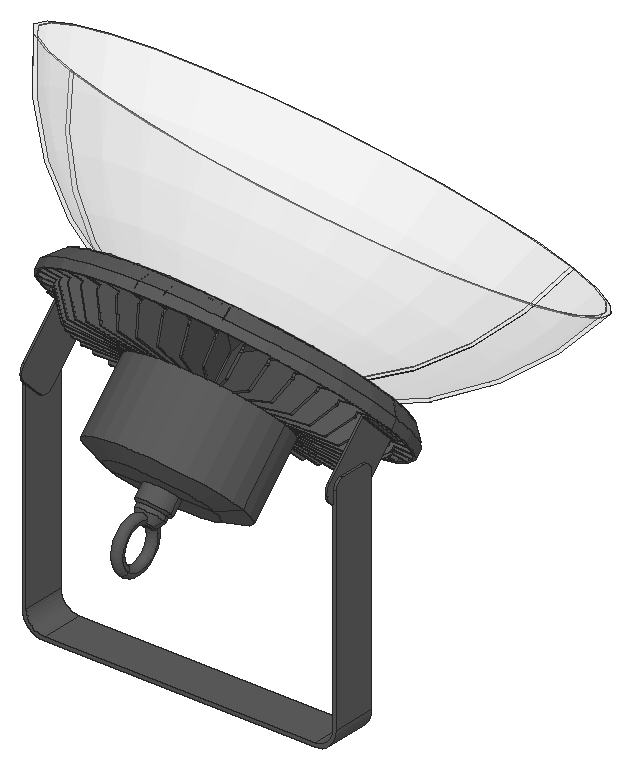
Revit family "0039365+0039353+0039358 Sylvania Lighting Fixture START HighBay IP65 DALI 13000lm 840 WB with BRACKET and PC LAMPSHADE TRANSPARENT 13 19KLM", category Lighting Fixtures, host Face, Revit 2016
Family settings
  Host = Face
  Part Type = Normal
  Round Connector Dimension = Use Diameter
  OmniClass Number = 23.80.70.00
  OmniClass Title = Lighting
  Cut with Voids When Loaded = No
  Light Source = No
  Shared = No
  Room Calculation Point = No
Parameters (values of type "0039365+0039353+0039358  START HighBay IP65 DALI 13000lm 840 WB with BRACKET and PC LAMPSHADE TRANSPARENT 13/19KLM")
  Weight = "3.0 kg"
  Wattage Comments = ""
  WarrantyStartDate [instance] = "n/a"
  WarrantyGuarantorParts = "n/a"
  WarrantyDurationUnit = "n/a"
  WarrantyDurationParts = "n/a"
  WarrantyDescription = "n/a"
  Voltage = 0 V
  URL = "http://www.sylvania-lighting.com"
  TypeName = "START HighBay IP65 DALI 13000lm 840 WB with BRACKET and PC LAMPSHADE TRANSPARENT 13/19KLM"
  TypeHead_FEILO = Start LED Highbay DALI Head : 0039365+0039353+0039358 START HighBay IP65 DALI 13000lm 840 WB with BRACKET and PC LAMPSHADE TRANSPARENT 13/19KLM
  Type Image = <None>
  Type Comments = "n/a"
  TiltAngle_FEILO [instance] = 45.00°
  ThicknessBracketPlate_FEILO = 3 mm
  SizeBracketS_FEILO = yes
  SizeBracketM_FEILO = no
  SerialNumber [instance] = "n/a"
  RadiusBracketTop_FEILO = 7 mm
  RadiusBendOut_FEILO = if(SizeBracketS_FEILO, 18 mm, if(SizeBracketM_FEILO, 24 mm, 28 mm))  # 18 mm
  RadiusBendIn_FEILO = RadiusBendOut_FEILO - ThicknessBracketPlate_FEILO  # 15 mm
  Material_3_FEILO = none
  PowerFactor = 0.95
  PowerConsumption = "90 W"
  NominalLength = 270 mm
  NominalHeight = 175 mm
  NominalDepth = 270 mm
  Name = "START HighBay IP65 DALI 13000lm 840 WB with BRACKET and PC LAMPSHADE TRANSPARENT 13/19KLM"
  ModelReference = Name  # "START HighBay IP65 DALI 13000lm 840 WB with BRACKET and PC LAMPSHADE TRANSPARENT 13/19KLM"
  ModelNumber = "0039365+0039353+0039358"
  Model = Name  # "START HighBay IP65 DALI 13000lm 840 WB with BRACKET and PC LAMPSHADE TRANSPARENT 13/19KLM"
  Material = "aluminium alloy housing, polycarbonate diffuser"
  ManufacturerName = "Feilo Sylvania"
  Manufacturer = "Feilo Sylvania"
  LuminousEfficacy = "130 lm/W"
  LuminaireType = ""
  LightOutputRatio = "n/a"
  LampsType = Lamp  # "LED"
  LampNominalLuminous = "11700 lm"
  LampMacAdamStep = "6"
  LampColourTemperature = "6500 K"
  LampColourRenderingIndex = "80"
  Lamp = "LED"
  Keynote = "16500"
  InstallationDate [instance] = "n/a"
  InputVoltage = "n/a"
  InputNominalFrequency = "50/60 Hz"
  IngressProtection = "IP65"
  ImpactProtectionIndex = "IK08"
  IfcExportType = "IfcLightFixtureType"
  IfcExportAs = "IfcLightFixtureType"
  ExpectedLife = 50000
  EndAngle_FEILO [instance] = TiltAngle_FEILO + 180.00°  # 225.00°
  ElectricShockClassification = "Class I"
  DurationUnit = "hours"
  DocumentationLiterature = "http://www.sylvania-lighting.com/product/en-int/products/0039365"
  DimmingControlOptions = "Dimmable"
  Material_2_FEILO = none
  Description = "START Highbay, includes 1 m cables, black aluminium housing, 11,700 Lm, 90 W, 130 Lm/W, 6500 K, drive current: 2000 mA, CRI 80, 90° beam angle, DALI dimmable, IP65, IK08, 50,000 hrs (L80/B50), (D x H) 270 x 175 mm."
  Default Elevation = 1219.2 mm
  CreatedOn = "5/15/2018"
  CreatedBy = "aron.fodor@sylvania-lighting.com"
  Cost = 0
  built-in parameter 1114216 [instance] = (empty or 0)
  ClassificationValue = "EF_70_80"
  ClassificationName = "Uniclass2015"
  Material_1_FEILO = Body-Sylvania-StartHighbay-Black
  BracketHeight_FEILO = if(SizeBracketS_FEILO, 199.5 mm, if(SizeBracketM_FEILO, 209.6 mm, 201.3 mm))  # 199.5 mm
  BracketDistanceInner_FEILO = if(SizeBracketS_FEILO, 249.4 mm, if(SizeBracketM_FEILO, 273.6 mm, 313.2 mm))  # 249.4 mm
  BarCode [instance] = "n/a"
  AssetType = "Fixed"
  AssetIdentifier [instance] = "n/a"
  Assembly Code = "D5020200"
  Apparent Load = 90 VA
  Material_4_FEILO = none
Reference planes
  plane 1 "Center (Front/Back)": y = 0
  plane 2: z = 0
  plane 3 "Center (Left/Right)": x = 0
  plane 4: x = -127.7
  plane 5: x = 127.7
  plane 6: z = 199.5
  plane 7: x = -124.7
  plane 8: z = 3
  plane 9: x = 124.7
  plane 10: y = 17.5
  plane 11: y = -17.5
  plane 12: y = -19.5
  plane 13: z = 201.5
  plane 14: y = 19.5
  plane 15: z = 190.5
Forms (mm)
  Extrusion 1, solid, material "Body-Sylvania-StartHighbay-Black" <- "Material_1_FEILO"
    sketch origin (0, 0, 0) x (1, 0, 0) y (0, 0, 1)
      loop
        line (-127.7, 199.5) -> (-127.7, 18)
        arc (-127.7, 18) -> (-122.428, 5.272) -> (-109.7, 0) r 18
        line (-109.7, 0) -> (109.7, 0)
        arc (109.7, 0) -> (122.428, 5.272) -> (127.7, 18) r 18
        line (127.7, 18) -> (127.7, 199.5) -> (124.7, 199.5) -> (124.7, 18)
        arc (124.7, 18) -> (120.307, 7.393) -> (109.7, 3) r 15
        line (109.7, 3) -> (-109.7, 3)
        arc (-109.7, 3) -> (-120.307, 7.393) -> (-124.7, 18) r 15
        line (-124.7, 18) -> (-124.7, 199.5) -> (-127.7, 199.5)
    from -17.5 to 17.5
  Extrusion 2, void
    sketch origin (0, 0, 0) x (0, 1, 0) y (0, 0, 1)
      loop
        arc (10.5, 199.5) -> (15.45, 197.45) -> (17.5, 192.5) r 7
        line (17.5, 192.5) -> (19.5, 192.5) -> (19.5, 201.5) -> (-19.5, 201.5) -> (-19.5, 192.5) -> (-17.5, 192.5)
        arc (-17.5, 192.5) -> (-15.45, 197.45) -> (-10.5, 199.5) r 7
        line (-10.5, 199.5) -> (10.5, 199.5)
    from -127.7 to 127.7
  Revolve 3, solid, not visible
    sketch origin (1223.4, -4572, 190.5) x (0, -1, 0) y (1, 0, 0)
      loop
        line (-4572, -1223.4) -> (-4591.5, -1223.4) -> (-4591.5, -1277.783) -> (-4572, -1277.783) -> (-4572, -1223.4)
      axis (-4572, -1223.4) -> (-4572, -1277.783)
    angle from 45 <- "TiltAngle_FEILO" to 225 <- "EndAngle_FEILO"
Cuts and joins
  Extrusion 2 cuts Extrusion 1
Dimensions and locks
  "BracketHeight_FEILO": plane 6 to plane 2
  equal spacing: plane 11, plane 1 "Center (Front/Back)", plane 10
  locked: plane 11 to plane 10 at 35
  equal spacing: plane 9, plane 3 "Center (Left/Right)", plane 7
  "BracketDistanceInner_FEILO": plane 9 to plane 7
  "ThicknessBracketPlate_FEILO": plane 7 to plane 4
  "ThicknessBracketPlate_FEILO": plane 8 to plane 2
  equal spacing: plane 5, plane 3 "Center (Left/Right)", plane 4
  equal spacing: plane 12, plane 1 "Center (Front/Back)", plane 14
  locked: plane 6 to plane 13 at 2
  locked: plane 12 to plane 11 at 2
  locked: plane 6 to plane 15 at 9
  "RadiusBendOut_FEILO": radius of Extrusion 1 sketch curve  (x2)
  "RadiusBendIn_FEILO": radius of Extrusion 1 sketch curve  (x2)
  "RadiusBracketTop_FEILO": radius of Extrusion 2 sketch curve  (x2)
  aligned and locked: plane 2 to host face
  aligned and locked: level to host face
  aligned and locked: Extrusion 1 sketch curve to plane 4
  aligned and locked: Extrusion 1 sketch curve to level
  aligned and locked: plane 6 to Extrusion 1 sketch curve
  aligned and locked: Extrusion 1 sketch curve to plane 6
  aligned and locked: Extrusion 1 sketch curve to plane 7
  aligned and locked: plane 9 to Extrusion 1 sketch curve
  aligned and locked: plane 8 to Extrusion 1 sketch curve
  aligned and locked: Extrusion 1 to plane 10
  aligned and locked: plane 11 to Extrusion 1
  aligned and locked: Extrusion 1 to Extrusion 2 sketch curve
  aligned and locked: plane 14 to Extrusion 2 sketch curve  (x2)
  aligned and locked: Extrusion 2 sketch curve to plane 12
  aligned and locked: plane 13 to Extrusion 2 sketch curve
  aligned and locked: plane 5 to Extrusion 2
  aligned and locked: Extrusion 2 to plane 4
  aligned and locked: Revolve 3 sketch curve to plane 1 "Center (Front/Back)"
  aligned and locked: Revolve 3 sketch curve to Revolve 3 sketch curve
  aligned and locked: plane 3 "Center (Left/Right)" to Revolve 3 sketch curve
  aligned and locked: Revolve 3 sketch curve to plane 14
  aligned and locked: nested 1 to plane 3 "Center (Left/Right)"
Automatic sketch dimensions
  host sketch curve to host sketch curve = 2438.4 mm  (x2)
  Revolve 3 sketch curve to Revolve 3 sketch curve = 54.383 mm
  Revolve 3 sketch curve to plane 4 = 1396.3 mm
  plane 5 to Revolve 3 sketch curve = 1396.3 mm
  Extrusion 1 sketch curve to Extrusion 1 sketch curve = 0 mm
  Extrusion 2 sketch curve to plane 11 = 0 mm
  Extrusion 2 sketch curve to plane 10 = 0 mm
Nested families
  nested 1: "Start LED Highbay DALI Head" at (0, 0, 190.5) x (-1, 0, 0) z (0, 0.7071, 0.7071), type <- "TypeHead_FEILO", type "0039365+0039353+0039358 START HighBay IP65 DALI 13000lm 840 WB with BRACKET and PC LAMPSHADE TRANSPARENT 13/19KLM"
    with built-in parameter 1114216 (empty or 0)
Connectors
  electrical at (0, 0, 0), driven by "Apparent Load", driven by "PowerFactor", driven by "Voltage"
    settings: index 1, voltage 0 V, apparent load 90 VA, apparent load phase1 0 VA, apparent load phase2 0 VA, apparent load phase3 0 VA, power factor 0.95, load classification "Lighting", number of poles 1, system type 30, power factor state 1, is connector primary yes, connector utility no, sub classification motor no, connector description ""
Definition of nested family "Start LED Highbay DALI Head"
  Parameters (values of type "0039367+0039355+0039361 START HighBay IP65 DALI 26000lm 840 WB with BRACKET and PC LAMPSHADE TRANSPARENT FOR 26KLM")
    X_FEILO = if(SizeS_FEILO, 60.3 mm, if(SizeM_FEILO, 70.4 mm, 83.5 mm))  # 83.5 mm
    WidthStraight_FEILO = if(SizeS_FEILO, 3 mm, if(SizeM_FEILO, 4 mm, 4.7 mm))  # 4.7 mm
    WidthRingChamfer_FEILO = if(SizeS_FEILO, 10.3 mm, if(SizeM_FEILO, 11.2 mm, 12.9 mm))  # 12.9 mm
    WidthCurved_FEILO = if(SizeS_FEILO, 17.4 mm, if(SizeM_FEILO, 16.4 mm, 26.2 mm))  # 26.2 mm
    WidthCurvedRing_FEILO = if(SizeS_FEILO, 3 mm, if(SizeM_FEILO, 4 mm, 4.7 mm))  # 4.7 mm
    WidthBracket_FEILO = 40 mm
    Wattage Comments = ""
    Wattage = 190 W
    built-in parameter 1150110 = 1 (stored number, unit not read)
    URL = "http://www.sylvania-lighting.com"
    Type Image = (empty or 0)
    Type Comments = "n/a"
    built-in parameter 1114217 = 1 (stored number, unit not read)
    Tilt Angle = -90.00°
    ThicknessWall_FEILO = 1.5 mm
    ThicknessBracket_FEILO = 1.5 mm
    ThicknessBracketHalf_FEILO = ThicknessBracket_FEILO / 2  # 0.75 mm
    built-in parameter 1150109 = 1 (stored number, unit not read)
    built-in parameter 1150134 = 1
    built-in parameter 1150113 = 1 (stored number, unit not read)
    SizeS_FEILO = no
    SizeM_FEILO = no
    ShadeThickness_FEILO = 3 mm
    ShadeSizeSM_FEILO = or(SizeS_FEILO, SizeM_FEILO)  # no
    ShadeRadiusOut_FEILO = 205 mm
    ShadeRadiusIn_FEILO = if(ShadeSizeSM_FEILO, 95 mm, 121 mm)  # 121 mm
    ShadeRadiusBend_FEILO = if(ShadeSizeSM_FEILO, 210 mm, 210 mm)  # 210 mm
    ShadeOn_FEILO = yes
    ShadeHeight_FEILO = if(ShadeSizeSM_FEILO, 120 mm, 151 mm)  # 151 mm
    Rib4_FEILO = if(SizeS_FEILO, 18.1 mm, if(SizeM_FEILO, 13.6 mm, 14.6 mm))  # 14.6 mm
    Rib3_FEILO = if(SizeS_FEILO, 15.3 mm, if(SizeM_FEILO, 17.6 mm, 20.2 mm))  # 20.2 mm
    Rib2_FEILO = if(SizeS_FEILO, 3.6 mm, if(SizeM_FEILO, 3.9 mm, 4.5 mm))  # 4.5 mm
    Rib1_FEILO = if(SizeS_FEILO, 15.1 mm, if(SizeM_FEILO, 16.5 mm, 19 mm))  # 19 mm
    RadiusDiffuser_FEILO = if(SizeS_FEILO, 95.2 mm, if(SizeM_FEILO, 105.3 mm, 120 mm))  # 120 mm
    RadiusArrayPost_FEILO = DriverRadius_FEILO - 6 mm  # 70.4 mm
    RHRadius3_FEILO = if(SizeS_FEILO, 6.6 mm, if(SizeM_FEILO, 7.4 mm, 8.6 mm))  # 8.6 mm
    RHRadius2_FEILO = if(SizeS_FEILO, 11 mm, if(SizeM_FEILO, 12 mm, 14 mm))  # 14 mm
    RHRadius1_FEILO = if(SizeS_FEILO, 13.6 mm, if(SizeM_FEILO, 14.9 mm, 17.7 mm))  # 17.7 mm
    RHHeight4_FEILO = if(SizeS_FEILO, 7.3 mm, if(SizeM_FEILO, 8 mm, 9.2 mm))  # 9.2 mm
    RHHeight3_FEILO = if(SizeS_FEILO, 3.6 mm, if(SizeM_FEILO, 3.7 mm, 4.6 mm))  # 4.6 mm
    RHHeight2_FEILO = if(SizeS_FEILO, 2 mm, if(SizeM_FEILO, 2.2 mm, 2.6 mm))  # 2.6 mm
    RHHeight1_FEILO = if(SizeS_FEILO, 11.8 mm, if(SizeM_FEILO, 15.3 mm, 17.4 mm))  # 17.4 mm
    Photometric Web File = "0039367+0039361.ies"
    Material_5_FEILO = none
    Material_3_FEILO = none
    Model = "START HighBay IP65 DALI 26000lm 840 WB with BRACKET and PC LAMPSHADE TRANSPARENT FOR 26KLM"
    Manufacturer = "Feilo Sylvania"
    built-in parameter 1150105 = 33385.3 (stored number, unit not read)
    Lumens = 24700 lm
    built-in parameter 1150115 = 1 (stored number, unit not read)
    built-in parameter 1150137 = (empty or 0)
    built-in parameter 1150139 = (empty or 0)
    built-in parameter 1150112 = 1 (stored number, unit not read)
    built-in parameter 1150114 = 1 (stored number, unit not read)
    Lamp = "LED"
    Keynote = "16500"
    built-in parameter 1150132 = (empty or 0)
    built-in parameter 1150102 = (empty or 0)
    built-in parameter 1150107 = 6500 (stored number, unit not read)
    built-in parameter 1150138 = (empty or 0)
    built-in parameter 1150106 = 333.85 (stored number, unit not read)
    HeightRing_FEILO = if(SizeS_FEILO, 19.8 mm, if(SizeM_FEILO, 32 mm, 36.8 mm))  # 36.8 mm
    HeightRingChamfer_FEILO = if(SizeS_FEILO, 11.7 mm, if(SizeM_FEILO, 23.2 mm, 26.6 mm))  # 26.6 mm
    EyeThickness_FEILO = if(SizeS_FEILO, 8.4 mm, if(SizeM_FEILO, 9.2 mm, 10.5 mm))  # 10.5 mm
    EyeThicknessHalf_FEILO = EyeThickness_FEILO / 2  # 5.25 mm
    EyeInner_FEILO = if(SizeS_FEILO, 13.8 mm, if(SizeM_FEILO, 15.1 mm, 17.3 mm))  # 17.3 mm
    Emit from Circle Diameter = RadiusDiffuser_FEILO * 2  # 240 mm
    Emit Shape Visible in Rendering = no
    built-in parameter 1150104 = 12.077 (stored number, unit not read)
    DriverVerticalStraight_FEILO = if(SizeS_FEILO, 46.5 mm, if(SizeM_FEILO, 49.7 mm, 57 mm))  # 57 mm
    DriverVerticalChamfer_FEILO = if(SizeS_FEILO, 7.5 mm, if(SizeM_FEILO, 8.2 mm, 9.5 mm))  # 9.5 mm
    DriverRadius_FEILO = if(SizeS_FEILO, 61.4 mm, if(SizeM_FEILO, 67.2 mm, 76.4 mm))  # 76.4 mm
    DriverRadiusTop_FEILO = if(SizeS_FEILO, 42 mm, if(SizeM_FEILO, 45.3 mm, 52.4 mm))  # 52.4 mm
    DriverBottom_FEILO = if(SizeS_FEILO, 56 mm, if(SizeM_FEILO, 64.5 mm, 74 mm))  # 74 mm
    Material_2_FEILO = none
    Radius_FEILO = if(SizeS_FEILO, 135 mm, if(SizeM_FEILO, 148 mm, 169.5 mm))  # 169.5 mm
    Dimming Lamp Color Temperature Shift = (empty or 0)
    DiameterWire_FEILO = 3 mm
    DiameterWireSupport_FEILO = 10 mm
    Description = "START Highbay, includes 1 m cables, black aluminium housing, 24,700 Lm, 190 W, 130 Lm/W, 6500 K, drive current: 4100 mA, CRI 80, 90° beam angle, DALI dimmable, IP65, IK08, 50,000 hrs (L80/B50), (D x H) 339 x 189 mm."
    Default Elevation = 1219.2 mm
    Cost = 0
    Color Filter = 16777215
    built-in parameter 1114216 [instance] = (empty or 0)
    Material_1_FEILO = none
    built-in parameter 1114218 = 1 (stored number, unit not read)
    built-in parameter 1150133 = 10 (stored number, unit not read)
    Assembly Code = "D5020200"
    Apparent Load = 190 VA
    Material_4_FEILO = none
  Types (24, lengths in mm): name | X_FEILO | WidthStraight_FEILO | WidthRingChamfer_FEILO | WidthCurved_FEILO | WidthCurvedRing_FEILO | Wattage | built-in parameter 1150134 | SizeS_FEILO | SizeM_FEILO | ShadeSizeSM_FEILO | ShadeRadiusIn_FEILO | ShadeOn_FEILO | ShadeHeight_FEILO | Rib4_FEILO | Rib3_FEILO | Rib2_FEILO | Rib1_FEILO | RadiusDiffuser_FEILO | RadiusArrayPost_FEILO | RHRadius3_FEILO | RHRadius2_FEILO | RHRadius1_FEILO | RHHeight4_FEILO | RHHeight3_FEILO | RHHeight2_FEILO | RHHeight1_FEILO | Photometric Web File | Model | built-in parameter 1150105 | Lumens | built-in parameter 1150107 | built-in parameter 1150106 | HeightRing_FEILO | HeightRingChamfer_FEILO | EyeThickness_FEILO | EyeThicknessHalf_FEILO | EyeInner_FEILO | Emit from Circle Diameter | DriverVerticalStraight_FEILO | DriverVerticalChamfer_FEILO | DriverRadius_FEILO | DriverRadiusTop_FEILO | DriverBottom_FEILO | Radius_FEILO | Description | Apparent Load
    0039367+0039355+0039361 START HighBay IP65 DALI 26000lm 840 WB with BRACKET and PC LAMPSHADE TRANSPARENT FOR 26KLM | 83.5 | 4.7 | 12.9 | 26.2 | 4.7 | 190 W | 1 | no | no | no | 121 | yes | 151 | 14.6 | 20.2 | 4.5 | 19 | 120 | 70.4 | 8.6 | 14 | 17.7 | 9.2 | 4.6 | 2.6 | 17.4 | "0039367+0039361.ies" | "START HighBay IP65 DALI 26000lm 840 WB with BRACKET and PC LAMPSHADE TRANSPARENT FOR 26KLM" | 33385.3 (stored number, unit not read) | 24700 lm | 6500 (stored number, unit not read) | 333.85 (stored number, unit not read) | 36.8 | 26.6 | 10.5 | 5.25 | 17.3 | 240 | 57 | 9.5 | 76.4 | 52.4 | 74 | 169.5 | "START Highbay, includes 1 m cables, black aluminium housing, 24,700 Lm, 190 W, 130 Lm/W, 6500 K, drive current: 4100 mA, CRI 80, 90° beam angle, DALI dimmable, IP65, IK08, 50,000 hrs (L80/B50), (D x H) 339 x 189 mm." | 190 VA
    0039367+0039355+0039360 START HighBay IP65 DALI 26000lm 840 WB with BRACKET and ALU SHADE BLACK COLOR FOR 26KLM | 83.5 | 4.7 | 12.9 | 26.2 | 4.7 | 190 W | 1 | no | no | no | 121 | yes | 151 | 14.6 | 20.2 | 4.5 | 19 | 120 | 70.4 | 8.6 | 14 | 17.7 | 9.2 | 4.6 | 2.6 | 17.4 | "0039367+0039360.ies" | "START HighBay IP65 DALI 26000lm 840 WB with BRACKET and ALU SHADE BLACK COLOR FOR 26KLM" | 33569.2 (stored number, unit not read) | 24700 lm | 6500 (stored number, unit not read) | 335.69 (stored number, unit not read) | 36.8 | 26.6 | 10.5 | 5.25 | 17.3 | 240 | 57 | 9.5 | 76.4 | 52.4 | 74 | 169.5 | "START Highbay, includes 1 m cables, black aluminium housing, 24,700 Lm, 190 W, 130 Lm/W, 6500 K, drive current: 4100 mA, CRI 80, 90° beam angle, DALI dimmable, IP65, IK08, 50,000 hrs (L80/B50), (D x H) 339 x 189 mm." | 190 VA
    0039367+0039355+0039359 START HighBay IP65 DALI 26000lm 840 WB with BRACKET and ALU SHADE ALU COLOR FOR 26KLM | 83.5 | 4.7 | 12.9 | 26.2 | 4.7 | 190 W | 1 | no | no | no | 121 | yes | 151 | 14.6 | 20.2 | 4.5 | 19 | 120 | 70.4 | 8.6 | 14 | 17.7 | 9.2 | 4.6 | 2.6 | 17.4 | "0039367+0039359.ies" | "START HighBay IP65 DALI 26000lm 840 WB with BRACKET and ALU SHADE ALU COLOR FOR 26KLM" | 33569.2 (stored number, unit not read) | 24700 lm | 6500 (stored number, unit not read) | 335.69 (stored number, unit not read) | 36.8 | 26.6 | 10.5 | 5.25 | 17.3 | 240 | 57 | 9.5 | 76.4 | 52.4 | 74 | 169.5 | "START Highbay, includes 1 m cables, black aluminium housing, 24,700 Lm, 190 W, 130 Lm/W, 6500 K, drive current: 4100 mA, CRI 80, 90° beam angle, DALI dimmable, IP65, IK08, 50,000 hrs (L80/B50), (D x H) 339 x 189 mm." | 190 VA
    0039367+0039355 START HighBay IP65 DALI 26000lm 840 WB with BRACKET | 83.5 | 4.7 | 12.9 | 26.2 | 4.7 | 190 W | 1 | no | no | no | 121 | no | 151 | 14.6 | 20.2 | 4.5 | 19 | 120 | 70.4 | 8.6 | 14 | 17.7 | 9.2 | 4.6 | 2.6 | 17.4 | "0039367.ies" | "START HighBay IP65 DALI 26000lm 840 WB with BRACKET" | 13532 (stored number, unit not read) | 24700 lm | 6500 (stored number, unit not read) | 135.32 (stored number, unit not read) | 36.8 | 26.6 | 10.5 | 5.25 | 17.3 | 240 | 57 | 9.5 | 76.4 | 52.4 | 74 | 169.5 | "START Highbay, includes 1 m cables, black aluminium housing, 24,700 Lm, 190 W, 130 Lm/W, 6500 K, drive current: 4100 mA, CRI 80, 90° beam angle, DALI dimmable, IP65, IK08, 50,000 hrs (L80/B50), (D x H) 339 x 189 mm." | 190 VA
    0039366+0039354+0039358 START HighBay IP65 DALI 19000lm 840 WB with BRACKET and PC LAMPSHADE TRANSPARENT 13/19KLM | 70.4 | 4 | 11.2 | 16.4 | 4 | 150 W | 1 | no | yes | yes | 95 | yes | 120 | 13.6 | 17.6 | 3.9 | 16.5 | 105.3 | 61.2 | 7.4 | 12 | 14.9 | 8 | 3.7 | 2.2 | 15.3 | "0039366+0039358.ies" | "START HighBay IP65 DALI 19000lm 840 WB with BRACKET and PC LAMPSHADE TRANSPARENT 13/19KLM" | 26356.9 (stored number, unit not read) | 19500 lm | 6500 (stored number, unit not read) | 263.57 (stored number, unit not read) | 32 | 23.2 | 9.2 | 4.6 | 15.1 | 210.6 | 49.7 | 8.2 | 67.2 | 45.3 | 64.5 | 148 | "START Highbay, includes 1 m cables, black aluminium housing, 19,500 Lm, 150 W, 130 Lm/W, 6500 K, drive current: 3300 mA, CRI 80, 90° beam angle, DALI dimmable, IP65, IK08, 50,000 hrs (L80/B50), (D x H) 296 x 172 mm." | 150 VA
    0039366+0039354+0039357 START HighBay IP65 DALI 19000lm 840 WB with BRACKET and ALU SHADE BLACK COLOR FOR 13/19KLM | 70.4 | 4 | 11.2 | 16.4 | 4 | 150 W | 1 | no | yes | yes | 95 | yes | 120 | 13.6 | 17.6 | 3.9 | 16.5 | 105.3 | 61.2 | 7.4 | 12 | 14.9 | 8 | 3.7 | 2.2 | 15.3 | "0039366+0039357.ies" | "START HighBay IP65 DALI 19000lm 840 WB with BRACKET and ALU SHADE BLACK COLOR FOR 13/19KLM" | 26502 (stored number, unit not read) | 19500 lm | 6500 (stored number, unit not read) | 265.02 (stored number, unit not read) | 32 | 23.2 | 9.2 | 4.6 | 15.1 | 210.6 | 49.7 | 8.2 | 67.2 | 45.3 | 64.5 | 148 | "START Highbay, includes 1 m cables, black aluminium housing, 19,500 Lm, 150 W, 130 Lm/W, 6500 K, drive current: 3300 mA, CRI 80, 90° beam angle, DALI dimmable, IP65, IK08, 50,000 hrs (L80/B50), (D x H) 296 x 172 mm." | 150 VA
    0039366+0039354+0039356 START HighBay IP65 DALI 19000lm 840 WB with BRACKET and ALU SHADE ALU COLOR FOR 13/19KLM | 70.4 | 4 | 11.2 | 16.4 | 4 | 150 W | 1 | no | yes | yes | 95 | yes | 120 | 13.6 | 17.6 | 3.9 | 16.5 | 105.3 | 61.2 | 7.4 | 12 | 14.9 | 8 | 3.7 | 2.2 | 15.3 | "0039366+0039356.ies" | "START HighBay IP65 DALI 19000lm 840 WB with BRACKET and ALU SHADE ALU COLOR FOR 13/19KLM" | 26502 (stored number, unit not read) | 19500 lm | 6500 (stored number, unit not read) | 265.02 (stored number, unit not read) | 32 | 23.2 | 9.2 | 4.6 | 15.1 | 210.6 | 49.7 | 8.2 | 67.2 | 45.3 | 64.5 | 148 | "START Highbay, includes 1 m cables, black aluminium housing, 19,500 Lm, 150 W, 130 Lm/W, 6500 K, drive current: 3300 mA, CRI 80, 90° beam angle, DALI dimmable, IP65, IK08, 50,000 hrs (L80/B50), (D x H) 296 x 172 mm." | 150 VA
    0039366+0039354 START HighBay IP65 DALI 19000lm 840 WB with BRACKET | 70.4 | 4 | 11.2 | 16.4 | 4 | 150 W | 1 | no | yes | yes | 95 | no | 120 | 13.6 | 17.6 | 3.9 | 16.5 | 105.3 | 61.2 | 7.4 | 12 | 14.9 | 8 | 3.7 | 2.2 | 15.3 | "0039366.ies" | "START HighBay IP65 DALI 19000lm 840 WB with BRACKET" | 10981.5 (stored number, unit not read) | 19500 lm | 6500 (stored number, unit not read) | 109.82 (stored number, unit not read) | 32 | 23.2 | 9.2 | 4.6 | 15.1 | 210.6 | 49.7 | 8.2 | 67.2 | 45.3 | 64.5 | 148 | "START Highbay, includes 1 m cables, black aluminium housing, 19,500 Lm, 150 W, 130 Lm/W, 6500 K, drive current: 3300 mA, CRI 80, 90° beam angle, DALI dimmable, IP65, IK08, 50,000 hrs (L80/B50), (D x H) 296 x 172 mm." | 150 VA
    0039365+0039353+0039358 START HighBay IP65 DALI 13000lm 840 WB with BRACKET and PC LAMPSHADE TRANSPARENT 13/19KLM | 60.3 | 3 | 10.3 | 17.4 | 3 | 90 W | 1 | yes | no | yes | 95 | yes | 120 | 18.1 | 15.3 | 3.6 | 15.1 | 95.2 | 55.4 | 6.6 | 11 | 13.6 | 7.3 | 3.6 | 2 | 11.8 | "0039365+0039358.ies" | "START HighBay IP65 DALI 13000lm 840 WB with BRACKET and PC LAMPSHADE TRANSPARENT 13/19KLM" | 15814.1 (stored number, unit not read) | 11700 lm | 6500 (stored number, unit not read) | 158.14 (stored number, unit not read) | 19.8 | 11.7 | 8.4 | 4.2 | 13.8 | 190.4 | 46.5 | 7.5 | 61.4 | 42 | 56 | 135 | "START Highbay, includes 1 m cables, black aluminium housing, 11,700 Lm, 90 W, 130 Lm/W, 6500 K, drive current: 2000 mA, CRI 80, 90° beam angle, DALI dimmable, IP65, IK08, 50,000 hrs (L80/B50), (D x H) 270 x 175 mm." | 90 VA
    0039365+0039353+0039357 START HighBay IP65 DALI 13000lm 840 WB with BRACKET and ALU SHADE BLACK COLOR FOR 13/19KLM | 60.3 | 3 | 10.3 | 17.4 | 3 | 90 W | 1 | yes | no | yes | 95 | yes | 120 | 18.1 | 15.3 | 3.6 | 15.1 | 95.2 | 55.4 | 6.6 | 11 | 13.6 | 7.3 | 3.6 | 2 | 11.8 | "0039365+0039357.ies" | "START HighBay IP65 DALI 13000lm 840 WB with BRACKET and ALU SHADE BLACK COLOR FOR 13/19KLM" | 15901.2 (stored number, unit not read) | 11700 lm | 6500 (stored number, unit not read) | 159.01 (stored number, unit not read) | 19.8 | 11.7 | 8.4 | 4.2 | 13.8 | 190.4 | 46.5 | 7.5 | 61.4 | 42 | 56 | 135 | "START Highbay, includes 1 m cables, black aluminium housing, 11,700 Lm, 90 W, 130 Lm/W, 6500 K, drive current: 2000 mA, CRI 80, 90° beam angle, DALI dimmable, IP65, IK08, 50,000 hrs (L80/B50), (D x H) 270 x 175 mm." | 90 VA
    0039365+0039353+0039356 START HighBay IP65 DALI 13000lm 840 WB with BRACKET and ALU SHADE ALU COLOR FOR 13/19KLM | 60.3 | 3 | 10.3 | 17.4 | 3 | 90 W | 1 | yes | no | yes | 95 | yes | 120 | 18.1 | 15.3 | 3.6 | 15.1 | 95.2 | 55.4 | 6.6 | 11 | 13.6 | 7.3 | 3.6 | 2 | 11.8 | "0039365+0039356.ies" | "START HighBay IP65 DALI 13000lm 840 WB with BRACKET and ALU SHADE ALU COLOR FOR 13/19KLM" | 15901.2 (stored number, unit not read) | 11700 lm | 6500 (stored number, unit not read) | 159.01 (stored number, unit not read) | 19.8 | 11.7 | 8.4 | 4.2 | 13.8 | 190.4 | 46.5 | 7.5 | 61.4 | 42 | 56 | 135 | "START Highbay, includes 1 m cables, black aluminium housing, 11,700 Lm, 90 W, 130 Lm/W, 6500 K, drive current: 2000 mA, CRI 80, 90° beam angle, DALI dimmable, IP65, IK08, 50,000 hrs (L80/B50), (D x H) 270 x 175 mm." | 90 VA
    0039365+0039353 START HighBay IP65 DALI 13000lm 840 WB with BRACKET | 60.3 | 3 | 10.3 | 17.4 | 3 | 90 W | 1 | yes | no | yes | 95 | no | 120 | 18.1 | 15.3 | 3.6 | 15.1 | 95.2 | 55.4 | 6.6 | 11 | 13.6 | 7.3 | 3.6 | 2 | 11.8 | "0039365.ies" | "START HighBay IP65 DALI 13000lm 840 WB with BRACKET" | 6365.5 (stored number, unit not read) | 11700 lm | 6500 (stored number, unit not read) | 63.655 (stored number, unit not read) | 19.8 | 11.7 | 8.4 | 4.2 | 13.8 | 190.4 | 46.5 | 7.5 | 61.4 | 42 | 56 | 135 | "START Highbay, includes 1 m cables, black aluminium housing, 11,700 Lm, 90 W, 130 Lm/W, 6500 K, drive current: 2000 mA, CRI 80, 90° beam angle, DALI dimmable, IP65, IK08, 50,000 hrs (L80/B50), (D x H) 270 x 175 mm." | 90 VA
    0039364+0039355+0039361 START HighBay IP65 DALI 26000lm 840 MB with BRACKET and PC LAMPSHADE TRANSPARENT FOR 26KLM | 83.5 | 4.7 | 12.9 | 26.2 | 4.7 | 190 W | 12 | no | no | no | 121 | yes | 151 | 14.6 | 20.2 | 4.5 | 19 | 120 | 70.4 | 8.6 | 14 | 17.7 | 9.2 | 4.6 | 2.6 | 17.4 | "0039364+0039361.ies" | "START HighBay IP65 DALI 26000lm 840 MB with BRACKET and PC LAMPSHADE TRANSPARENT FOR 26KLM" | 33385.3 (stored number, unit not read) | 24700 lm | 4000 (stored number, unit not read) | 333.85 (stored number, unit not read) | 36.8 | 26.6 | 10.5 | 5.25 | 17.3 | 240 | 57 | 9.5 | 76.4 | 52.4 | 74 | 169.5 | "START Highbay, includes 1 m cables, black aluminium housing, 24,700 Lm, 190 W, 130 Lm/W, 4000 K, drive current: 4100 mA, CRI 80, 60° beam angle, DALI dimmable, IP65, IK08, 50,000 hrs (L80/B50), (D x H) 339 x 189 mm." | 190 VA
    0039364+0039355+0039360 START HighBay IP65 DALI 26000lm 840 MB with BRACKET and ALU SHADE BLACK COLOR FOR 26KLM | 83.5 | 4.7 | 12.9 | 26.2 | 4.7 | 190 W | 12 | no | no | no | 121 | yes | 151 | 14.6 | 20.2 | 4.5 | 19 | 120 | 70.4 | 8.6 | 14 | 17.7 | 9.2 | 4.6 | 2.6 | 17.4 | "0039364+0039360.ies" | "START HighBay IP65 DALI 26000lm 840 MB with BRACKET and ALU SHADE BLACK COLOR FOR 26KLM" | 33569.2 (stored number, unit not read) | 24700 lm | 4000 (stored number, unit not read) | 335.69 (stored number, unit not read) | 36.8 | 26.6 | 10.5 | 5.25 | 17.3 | 240 | 57 | 9.5 | 76.4 | 52.4 | 74 | 169.5 | "START Highbay, includes 1 m cables, black aluminium housing, 24,700 Lm, 190 W, 130 Lm/W, 4000 K, drive current: 4100 mA, CRI 80, 60° beam angle, DALI dimmable, IP65, IK08, 50,000 hrs (L80/B50), (D x H) 339 x 189 mm." | 190 VA
    0039364+0039355+0039359 START HighBay IP65 DALI 26000lm 840 MB with BRACKET and ALU SHADE ALU COLOR FOR 26KLM | 83.5 | 4.7 | 12.9 | 26.2 | 4.7 | 190 W | 12 | no | no | no | 121 | yes | 151 | 14.6 | 20.2 | 4.5 | 19 | 120 | 70.4 | 8.6 | 14 | 17.7 | 9.2 | 4.6 | 2.6 | 17.4 | "0039364+0039359.ies" | "START HighBay IP65 DALI 26000lm 840 MB with BRACKET and ALU SHADE ALU COLOR FOR 26KLM" | 33569.2 (stored number, unit not read) | 24700 lm | 4000 (stored number, unit not read) | 335.69 (stored number, unit not read) | 36.8 | 26.6 | 10.5 | 5.25 | 17.3 | 240 | 57 | 9.5 | 76.4 | 52.4 | 74 | 169.5 | "START Highbay, includes 1 m cables, black aluminium housing, 24,700 Lm, 190 W, 130 Lm/W, 4000 K, drive current: 4100 mA, CRI 80, 60° beam angle, DALI dimmable, IP65, IK08, 50,000 hrs (L80/B50), (D x H) 339 x 189 mm." | 190 VA
    0039364+0039355 START HighBay IP65 DALI 26000lm 840 MB with BRACKET | 83.5 | 4.7 | 12.9 | 26.2 | 4.7 | 190 W | 12 | no | no | no | 121 | no | 151 | 14.6 | 20.2 | 4.5 | 19 | 120 | 70.4 | 8.6 | 14 | 17.7 | 9.2 | 4.6 | 2.6 | 17.4 | "0039364.ies" | "START HighBay IP65 DALI 26000lm 840 MB with BRACKET" | 26901.8 (stored number, unit not read) | 24700 lm | 4000 (stored number, unit not read) | 269.02 (stored number, unit not read) | 36.8 | 26.6 | 10.5 | 5.25 | 17.3 | 240 | 57 | 9.5 | 76.4 | 52.4 | 74 | 169.5 | "START Highbay, includes 1 m cables, black aluminium housing, 24,700 Lm, 190 W, 130 Lm/W, 4000 K, drive current: 4100 mA, CRI 80, 60° beam angle, DALI dimmable, IP65, IK08, 50,000 hrs (L80/B50), (D x H) 339 x 189 mm." | 190 VA
    0039363+0039354+0039358 START HighBay IP65 DALI 19000lm 840 MB with BRACKET and PC LAMPSHADE TRANSPARENT 13/19KLM | 70.4 | 4 | 11.2 | 16.4 | 4 | 150 W | 12 | no | yes | yes | 95 | yes | 120 | 13.6 | 17.6 | 3.9 | 16.5 | 105.3 | 61.2 | 7.4 | 12 | 14.9 | 8 | 3.7 | 2.2 | 15.3 | "0039363+0039358.ies" | "START HighBay IP65 DALI 19000lm 840 MB with BRACKET and PC LAMPSHADE TRANSPARENT 13/19KLM" | 26356.9 (stored number, unit not read) | 19500 lm | 4000 (stored number, unit not read) | 263.57 (stored number, unit not read) | 32 | 23.2 | 9.2 | 4.6 | 15.1 | 210.6 | 49.7 | 8.2 | 67.2 | 45.3 | 64.5 | 148 | "START Highbay, includes 1 m cables, black aluminium housing, 19,500 Lm, 150 W, 130 Lm/W, 4000 K, drive current: 3300 mA, CRI 80, 60° beam angle, DALI dimmable, IP65, IK08, 50,000 hrs (L80/B50), (D x H) 296 x 172 mm." | 150 VA
    0039363+0039354+0039357 START HighBay IP65 DALI 19000lm 840 MB with BRACKET and ALU SHADE BLACK COLOR FOR 13/19KLM | 70.4 | 4 | 11.2 | 16.4 | 4 | 150 W | 12 | no | yes | yes | 95 | yes | 120 | 13.6 | 17.6 | 3.9 | 16.5 | 105.3 | 61.2 | 7.4 | 12 | 14.9 | 8 | 3.7 | 2.2 | 15.3 | "0039363+0039357.ies" | "START HighBay IP65 DALI 19000lm 840 MB with BRACKET and ALU SHADE BLACK COLOR FOR 13/19KLM" | 26502 (stored number, unit not read) | 19500 lm | 4000 (stored number, unit not read) | 265.02 (stored number, unit not read) | 32 | 23.2 | 9.2 | 4.6 | 15.1 | 210.6 | 49.7 | 8.2 | 67.2 | 45.3 | 64.5 | 148 | "START Highbay, includes 1 m cables, black aluminium housing, 19,500 Lm, 150 W, 130 Lm/W, 4000 K, drive current: 3300 mA, CRI 80, 60° beam angle, DALI dimmable, IP65, IK08, 50,000 hrs (L80/B50), (D x H) 296 x 172 mm." | 150 VA
    0039363+0039354+0039356 START HighBay IP65 DALI 19000lm 840 MB with BRACKET and ALU SHADE ALU COLOR FOR 13/19KLM | 70.4 | 4 | 11.2 | 16.4 | 4 | 150 W | 12 | no | yes | yes | 95 | yes | 120 | 13.6 | 17.6 | 3.9 | 16.5 | 105.3 | 61.2 | 7.4 | 12 | 14.9 | 8 | 3.7 | 2.2 | 15.3 | "0039363+0039356.ies" | "START HighBay IP65 DALI 19000lm 840 MB with BRACKET and ALU SHADE ALU COLOR FOR 13/19KLM" | 26502 (stored number, unit not read) | 19500 lm | 4000 (stored number, unit not read) | 265.02 (stored number, unit not read) | 32 | 23.2 | 9.2 | 4.6 | 15.1 | 210.6 | 49.7 | 8.2 | 67.2 | 45.3 | 64.5 | 148 | "START Highbay, includes 1 m cables, black aluminium housing, 19,500 Lm, 150 W, 130 Lm/W, 4000 K, drive current: 3300 mA, CRI 80, 60° beam angle, DALI dimmable, IP65, IK08, 50,000 hrs (L80/B50), (D x H) 296 x 172 mm." | 150 VA
    0039363+0039354 START HighBay IP65 DALI 19000lm 840 MB with BRACKET | 70.4 | 4 | 11.2 | 16.4 | 4 | 150 W | 12 | no | yes | yes | 95 | no | 120 | 13.6 | 17.6 | 3.9 | 16.5 | 105.3 | 61.2 | 7.4 | 12 | 14.9 | 8 | 3.7 | 2.2 | 15.3 | "0039363.ies" | "START HighBay IP65 DALI 19000lm 840 MB with BRACKET" | 22125.4 (stored number, unit not read) | 19500 lm | 4000 (stored number, unit not read) | 221.25 (stored number, unit not read) | 32 | 23.2 | 9.2 | 4.6 | 15.1 | 210.6 | 49.7 | 8.2 | 67.2 | 45.3 | 64.5 | 148 | "START Highbay, includes 1 m cables, black aluminium housing, 19,500 Lm, 150 W, 130 Lm/W, 4000 K, drive current: 3300 mA, CRI 80, 60° beam angle, DALI dimmable, IP65, IK08, 50,000 hrs (L80/B50), (D x H) 296 x 172 mm." | 150 VA
    0039362+0039353+0039358 START HighBay IP65 DALI 13000lm 840 MB with BRACKET and PC LAMPSHADE TRANSPARENT 13/19KLM | 60.3 | 3 | 10.3 | 17.4 | 3 | 90 W | 12 | yes | no | yes | 95 | yes | 120 | 18.1 | 15.3 | 3.6 | 15.1 | 95.2 | 55.4 | 6.6 | 11 | 13.6 | 7.3 | 3.6 | 2 | 11.8 | "0039362+0039358.ies" | "START HighBay IP65 DALI 13000lm 840 MB with BRACKET and PC LAMPSHADE TRANSPARENT 13/19KLM" | 15814.1 (stored number, unit not read) | 11700 lm | 4000 (stored number, unit not read) | 158.14 (stored number, unit not read) | 19.8 | 11.7 | 8.4 | 4.2 | 13.8 | 190.4 | 46.5 | 7.5 | 61.4 | 42 | 56 | 135 | "START Highbay, includes 1 m cables, black aluminium housing, 11,700 Lm, 90 W, 130 Lm/W, 4000 K, drive current: 2000 mA, CRI 80, 60° beam angle, DALI dimmable, IP65, IK08, 50,000 hrs (L80/B50), (D x H) 270 x 175 mm." | 90 VA
    0039362+0039353+0039357 START HighBay IP65 DALI 13000lm 840 MB with BRACKET and ALU SHADE BLACK COLOR FOR 13/19KLM | 60.3 | 3 | 10.3 | 17.4 | 3 | 90 W | 12 | yes | no | yes | 95 | yes | 120 | 18.1 | 15.3 | 3.6 | 15.1 | 95.2 | 55.4 | 6.6 | 11 | 13.6 | 7.3 | 3.6 | 2 | 11.8 | "0039362+0039357.ies" | "START HighBay IP65 DALI 13000lm 840 MB with BRACKET and ALU SHADE BLACK COLOR FOR 13/19KLM" | 15901.2 (stored number, unit not read) | 11700 lm | 4000 (stored number, unit not read) | 159.01 (stored number, unit not read) | 19.8 | 11.7 | 8.4 | 4.2 | 13.8 | 190.4 | 46.5 | 7.5 | 61.4 | 42 | 56 | 135 | "START Highbay, includes 1 m cables, black aluminium housing, 11,700 Lm, 90 W, 130 Lm/W, 4000 K, drive current: 2000 mA, CRI 80, 60° beam angle, DALI dimmable, IP65, IK08, 50,000 hrs (L80/B50), (D x H) 270 x 175 mm." | 90 VA
    0039362+0039353+0039356 START HighBay IP65 DALI 13000lm 840 MB with BRACKET and ALU SHADE ALU COLOR FOR 13/19KLM | 60.3 | 3 | 10.3 | 17.4 | 3 | 90 W | 12 | yes | no | yes | 95 | yes | 120 | 18.1 | 15.3 | 3.6 | 15.1 | 95.2 | 55.4 | 6.6 | 11 | 13.6 | 7.3 | 3.6 | 2 | 11.8 | "0039362+0039356.ies" | "START HighBay IP65 DALI 13000lm 840 MB with BRACKET and ALU SHADE ALU COLOR FOR 13/19KLM" | 15901.2 (stored number, unit not read) | 11700 lm | 4000 (stored number, unit not read) | 159.01 (stored number, unit not read) | 19.8 | 11.7 | 8.4 | 4.2 | 13.8 | 190.4 | 46.5 | 7.5 | 61.4 | 42 | 56 | 135 | "START Highbay, includes 1 m cables, black aluminium housing, 11,700 Lm, 90 W, 130 Lm/W, 4000 K, drive current: 2000 mA, CRI 80, 60° beam angle, DALI dimmable, IP65, IK08, 50,000 hrs (L80/B50), (D x H) 270 x 175 mm." | 90 VA
    0039362+0039353 START HighBay IP65 DALI 13000lm 840 MB with BRACKET | 60.3 | 3 | 10.3 | 17.4 | 3 | 90 W | 12 | yes | no | yes | 95 | no | 120 | 18.1 | 15.3 | 3.6 | 15.1 | 95.2 | 55.4 | 6.6 | 11 | 13.6 | 7.3 | 3.6 | 2 | 11.8 | "0039362.ies" | "START HighBay IP65 DALI 13000lm 840 MB with BRACKET" | 13336.9 (stored number, unit not read) | 11700 lm | 4000 (stored number, unit not read) | 133.37 (stored number, unit not read) | 19.8 | 11.7 | 8.4 | 4.2 | 13.8 | 190.4 | 46.5 | 7.5 | 61.4 | 42 | 56 | 135 | "START Highbay, includes 1 m cables, black aluminium housing, 11,700 Lm, 90 W, 130 Lm/W, 4000 K, drive current: 2000 mA, CRI 80, 60° beam angle, DALI dimmable, IP65, IK08, 50,000 hrs (L80/B50), (D x H) 270 x 175 mm." | 90 VA
  Reference planes
    plane 1 "Center (Front/Back)": y = 0
    plane 2: z = 0
    plane 3 "Center (Left/Right)": x = 0
    plane 4: z = 83.5
    plane 5: x = -169.5
    plane 6: x = -156.6
    plane 7: z = 56.9
    plane 8: z = 46.7
    plane 9: x = -151.9
    plane 10: z = 80.875
    plane 11: x = -125.7
    plane 12: x = -120
    plane 13: x = -147.2
    plane 14: z = 81.875
    plane 15: z = 79.875
    plane 16: x = -117
    plane 17: z = 78.875
    plane 18: x = -168
    plane 19: x = -150.5
    plane 20: z = 42.2
    plane 21: x = -130.3
    plane 22: z = 27.6
    plane 23: x = -20
    plane 24: z = 9.5
    plane 25: x = -76.4
    plane 26: z = -47.5
    plane 27: x = -52.4
    plane 28: z = -57
    plane 29: x = -17.7
    plane 30: z = -74.4
    plane 31: z = -77
    plane 32: x = -14
    plane 33: z = -81.6
    plane 34: z = -90.8
    plane 35: x = -8.6
    plane 36: z = -108.1
    plane 37: z = -125.4
    plane 38: x = 5.25
    plane 39: x = -5.25
    plane 40: z = -135.9
    plane 41: z = -130.65
    plane 42: x = -162.3
    plane 43: x = -167
    plane 44: z = 45.2
    plane 45: x = -155.1
    plane 46: z = -19
    plane 47: y = -20
    plane 48: y = 20
    plane 49: x = 169.5
    plane 50: x = 156.6
    plane 51: x = 168
    plane 52: x = 162.3
    plane 53: x = 167
    plane 54: x = 155.1
    plane 55: x = -205
    plane 56: z = 234.5
    plane 57: x = -121
    plane 58: x = -113
    plane 59: x = -202
    plane 60: z = 86.5
  Forms (mm)
    Extrusion 1, solid
      sketch origin (4.2, 0, 0) x (1, 0, 0) y (0, 1, 0)
        loop
          line (-1219.2, 1219.2) -> (-1219.2, -1219.2) -> (1219.2, -1219.2) -> (1219.2, 1219.2) -> (-1219.2, 1219.2)
      from 0 to -68.017
    Revolve 2, solid, material <- "Material_1_FEILO", detail levels medium+fine
      sketch origin (0, 0, 0) x (1, 0, 0) y (0, 0, 1)
        loop
          line (-169.5, 46.7) -> (-168, 46.7) -> (-168, 56.555) -> (-156.206, 80.875) -> (-147.2, 80.875) -> (-147.2, 82.637)
          arc (-147.2, 82.637) -> (-149.554, 83.047) -> (-151.9, 83.5) r 132.063
          line (-151.9, 83.5) -> (-156.141, 83.5)
          arc (-156.141, 83.5) -> (-156.63, 83.326) -> (-156.899, 82.883) r 0.774
          line (-156.899, 82.883) -> (-169.5, 56.9) -> (-169.5, 46.7)
        axis (0, 83.5) -> (0, 46.7)
      angle from 360 to 0
    Revolve 3, solid, material <- "Material_1_FEILO", detail levels medium+fine
      sketch origin (0, 0, 0) x (1, 0, 0) y (0, 0, 1)
        loop
          line (-125.7, 78.875) -> (-120, 78.875) -> (-120, 56.9) -> (0, 56.9) -> (0, 78.875) -> (-117, 78.875) -> (-117, 79.875) -> (-120, 79.875) -> (-120, 80.875) -> (-125.7, 80.875) -> (-125.7, 78.875)
        axis (0, 80.875) -> (0, 56.9)
      angle from 360 to 0
    Revolve 4, solid, material <- "Material_2_FEILO", detail levels medium+fine
      sketch origin (0, 0, 0) x (1, 0, 0) y (0, 0, 1)
        loop
          line (-120, 79.875) -> (0, 79.875) -> (0, 81.875) -> (-120, 81.875) -> (-120, 79.875)
        axis (0, 81.875) -> (0, 79.875)
      angle from 360 to 0
    Revolve 5, solid, material <- "Material_1_FEILO"
      sketch origin (0, 0, 0) x (1, 0, 0) y (0, 0, 1)
        loop
          line (-76.4, 27.6) -> (-76.4, -47.5) -> (-52.4, -57) -> (-17.7, -57) -> (-17.7, -74.4) -> (-14, -77) -> (-14, -81.6) -> (-9.037, -90.074)
          arc (-9.037, -90.074) -> (-8.49, -90.606) -> (-7.753, -90.8) r 1.5
          line (-7.753, -90.8) -> (0, -90.8) -> (0, 27.6) -> (-76.4, 27.6)
        axis (0, 27.6) -> (0, -90.8)
      angle from 360 to 0
    Revolve 6, solid, material <- "Material_1_FEILO"
      sketch origin (0, 0, 0) x (1, 0, 0) y (0, 0, 1)
        loop
          circle (0, -130.65) r 5.25
        axis (5.25, -108.1) -> (-5.25, -108.1)
      angle from 360 to 0
    Extrusion 7, solid, material <- "Material_1_FEILO"
      sketch origin (0, 0, 0) x (1, 0, 0) y (0, 0, 1)
        loop
          line (-167, 46.7) -> (-167, 45.2) -> (-157.35, 45.2)
          arc (-157.35, 45.2) -> (-156.82, 44.98) -> (-156.6, 44.45) r 0.75
          line (-156.6, 44.45) -> (-156.6, -19) -> (-155.1, -19) -> (-155.1, 45.2)
          arc (-155.1, 45.2) -> (-155.539, 46.261) -> (-156.6, 46.7) r 1.5
          line (-156.6, 46.7) -> (-167, 46.7)
        loop
          line (167, 46.7) -> (156.6, 46.7)
          arc (156.6, 46.7) -> (155.539, 46.261) -> (155.1, 45.2) r 1.5
          line (155.1, 45.2) -> (155.1, -19) -> (156.6, -19) -> (156.6, 44.45)
          arc (156.6, 44.45) -> (156.82, 44.98) -> (157.35, 45.2) r 0.75
          line (157.35, 45.2) -> (167, 45.2) -> (167, 46.7)
      from -20 to 20
    Extrusion 8, void
      sketch origin (0, 0, 0) x (0, 1, 0) y (0, 0, 1)
        loop
          arc (-10, -19) -> (-17.071, -16.071) -> (-20, -9) r 10
          line (-20, -9) -> (-25, -9) -> (-25, -24) -> (-10, -24) -> (-10, -19)
        loop
          line (10, -19) -> (10, -24) -> (25, -24) -> (25, -9) -> (20, -9)
          arc (20, -9) -> (17.071, -16.071) -> (10, -19) r 10
      from -156.6 to 156.6
    Revolve 9, solid, material <- "Material_1_FEILO", detail levels coarse
      sketch origin (0, 0, 0) x (1, 0, 0) y (0, 0, 1)
        loop
          line (0, 83.5) -> (-156.6, 83.5) -> (-169.5, 56.9) -> (-169.5, 46.7) -> (-150.5, 46.7) -> (-150.5, 42.2) -> (-130.3, 27.6) -> (0, 27.6) -> (0, 83.5)
        axis (0, 83.5) -> (0, 27.6)
      angle from 360 to 0
    Revolve 10, solid, material <- "Material_4_FEILO", visible <- "ShadeOn_FEILO"
      sketch origin (0, 0, 0) x (1, 0, 0) y (0, 0, 1)
        loop
          line (-121, 83.5) -> (-113, 83.5) -> (-113, 86.5) -> (-120.341, 86.5)
          arc (-120.341, 86.5) -> (-177.055, 151.769) -> (-202.193, 234.5) r 207.203
          line (-202.193, 234.5) -> (-205, 234.5)
          arc (-205, 234.5) -> (-179.25, 149.96) -> (-121, 83.5) r 210
        axis (0, 234.5) -> (0, 83.5)
      angle from 360 to 0
  Cuts and joins
    Extrusion 8 cuts Extrusion 7
  Lines and regions (mm)
    reference lines
      curve 1: line (-169.5, 0, 56.9) -> (-156.6, 0, 83.5)
      curve 2: line (-125.7, 0, 80.875) -> (0, 0, 80.875)
      curve 3: arc (-125.7, 0, 80.875) -> (-138.866, 0, 81.533) -> (-151.9, 0, 83.5) r 132.063
      curve 4: line (-156.6, 0, 83.5) -> (-151.9, 0, 83.5)
      curve 5: line (-156.206, 0, 80.875) -> (-168, 0, 56.555)
      curve 6: line (-150.5, 0, 42.2) -> (-130.3, 0, 27.6)
      curve 7: line (-14, 0, -81.6) -> (-8.6, 0, -90.8)
      curve 8: circle (0, 0, -130.65) r 5.25 normal (0, -1, 0)
      curve 9: arc (-121, 0, 83.5) -> (-179.25, 0, 149.96) -> (-205, 0, 234.5) r 210
  Dimensions and locks
    "Radius_FEILO": plane 3 "Center (Left/Right)" to plane 5
    "WidthRingChamfer_FEILO": plane 6 to plane 5
    "WidthStraight_FEILO": plane 9 to plane 6
    "WidthCurvedRing_FEILO": plane 13 to plane 9
    locked: plane 10 to plane 15 at 1
    locked: plane 14 to plane 10 at 1
    locked: plane 4 to plane 10 at 2.625
    locked: plane 15 to plane 17 at 1
    "ThicknessWall_FEILO": plane 18 to plane 5
    "ThicknessWall_FEILO": curve 5 to curve 1
    "HeightRingChamfer_FEILO": plane 4 to plane 7
    "HeightRing_FEILO": plane 4 to plane 8
    "RadiusDiffuser_FEILO": plane 3 "Center (Left/Right)" to plane 12
    locked: plane 16 to plane 12 at 3
    "WidthCurved_FEILO": plane 11 to plane 9
    "X_FEILO": plane 4 to plane 2
    "Rib1_FEILO": plane 19 to plane 5
    "Rib2_FEILO": plane 8 to plane 20
    "Rib3_FEILO": plane 21 to plane 19
    "Rib4_FEILO": plane 20 to plane 22
    locked: plane 3 "Center (Left/Right)" to plane 23 at 20
    "DriverBottom_FEILO": plane 4 to plane 24
    "DriverRadius_FEILO": plane 3 "Center (Left/Right)" to plane 25
    "DriverVerticalStraight_FEILO": plane 24 to plane 26
    "DriverRadiusTop_FEILO": plane 3 "Center (Left/Right)" to plane 27
    "DriverVerticalChamfer_FEILO": plane 26 to plane 28
    "RHRadius1_FEILO": plane 3 "Center (Left/Right)" to plane 29
    "RHHeight2_FEILO": plane 30 to plane 31
    "RHRadius2_FEILO": plane 3 "Center (Left/Right)" to plane 32
    "RHHeight3_FEILO": plane 31 to plane 33
    "RHHeight4_FEILO": plane 33 to plane 34
    "RHRadius3_FEILO": plane 3 "Center (Left/Right)" to plane 35
    "RHHeight1_FEILO": plane 28 to plane 30
    "EyeInner_FEILO": plane 34 to plane 36
    "EyeInner_FEILO": plane 36 to plane 37
    equal spacing: plane 38, plane 3 "Center (Left/Right)", plane 39
    "EyeThickness_FEILO": plane 38 to plane 39
    "EyeThickness_FEILO": plane 37 to plane 40
    equal spacing: plane 37, plane 41, plane 40
    equal spacing: plane 6, plane 42, plane 18
    "ThicknessBracket_FEILO": plane 45 to plane 6
    "ThicknessBracket_FEILO": plane 8 to plane 44
    locked: plane 43 to plane 18 at 1
    equal spacing: plane 24, plane 46, plane 26
    equal spacing: plane 47, plane 1 "Center (Front/Back)", plane 48
    "WidthBracket_FEILO": plane 47 to plane 48
    "WidthRingChamfer_FEILO": plane 50 to plane 49
    "ThicknessWall_FEILO": plane 51 to plane 49
    equal spacing: plane 50, plane 52, plane 51
    "ThicknessBracket_FEILO": plane 54 to plane 50
    locked: plane 53 to plane 51 at 1
    "Radius_FEILO": plane 49 to plane 3 "Center (Left/Right)"
    "ShadeRadiusOut_FEILO": plane 3 "Center (Left/Right)" to plane 55
    "ShadeHeight_FEILO": plane 56 to plane 4
    "ShadeRadiusIn_FEILO": plane 3 "Center (Left/Right)" to plane 57
    locked: plane 58 to plane 57 at 8
    "ShadeThickness_FEILO": plane 60 to plane 4
    "ShadeThickness_FEILO": plane 59 to plane 55
    "EyeThicknessHalf_FEILO": radius of curve 8
    "ThicknessBracket_FEILO": radius of Extrusion 7 sketch curve  (x2)
    "ThicknessBracketHalf_FEILO": radius of Extrusion 7 sketch curve  (x2)
    "ShadeRadiusBend_FEILO": radius of curve 9
    aligned and locked: plane 2 to Extrusion 1
    aligned and locked: level to Extrusion 1
    aligned and locked: plane 5 to curve 1
    aligned and locked: plane 6 to curve 1
    aligned and locked: plane 7 to curve 1
    aligned and locked: plane 10 to curve 2
    aligned and locked: plane 9 to curve 3
    aligned and locked: plane 4 to curve 3
    aligned and locked: plane 11 to curve 3
    aligned and locked: plane 4 to curve 4
    aligned and locked: plane 18 to curve 5
    aligned and locked: plane 10 to curve 5
    aligned and locked: Revolve 2 sketch curve to plane 3 "Center (Left/Right)"
    aligned and locked: Revolve 2 sketch curve to curve 3
    aligned and locked: Revolve 2 sketch curve to curve 1
    aligned and locked: plane 4 to Revolve 2 sketch curve
    aligned and locked: plane 9 to Revolve 2 sketch curve
    aligned and locked: Revolve 2 sketch curve to plane 13
    aligned and locked: Revolve 2 sketch curve to plane 10
    aligned and locked: plane 13 to Revolve 2 sketch curve
    aligned and locked: plane 10 to Revolve 2 sketch curve
    aligned and locked: Revolve 2 sketch curve to plane 18
    aligned and locked: Revolve 2 sketch curve to plane 8
    aligned and locked: plane 5 to Revolve 2 sketch curve  (x2)
    aligned and locked: Revolve 3 sketch curve to plane 3 "Center (Left/Right)"
    aligned and locked: plane 11 to Revolve 3 sketch curve
    aligned and locked: Revolve 3 sketch curve to curve 2
    aligned and locked: plane 15 to Revolve 3 sketch curve
    aligned and locked: Revolve 3 sketch curve to plane 16
    aligned and locked: plane 17 to Revolve 3 sketch curve  (x2)
    aligned and locked: Revolve 3 sketch curve to plane 12
    aligned and locked: plane 7 to Revolve 3 sketch curve
    aligned and locked: Revolve 4 sketch curve to plane 3 "Center (Left/Right)"
    aligned and locked: Revolve 4 sketch curve to plane 14
    aligned and locked: plane 3 "Center (Left/Right)" to Revolve 4 sketch curve
    aligned and locked: Revolve 4 sketch curve to plane 12
    aligned and locked: plane 15 to Revolve 4 sketch curve
    aligned and locked: Revolve 2 sketch curve to curve 5
    aligned and locked: plane 22 to curve 6
    aligned and locked: plane 21 to curve 6
    aligned and locked: plane 20 to curve 6
    aligned and locked: plane 19 to curve 6
    aligned and locked: plane 33 to curve 7
    aligned and locked: plane 32 to curve 7
    aligned and locked: plane 35 to curve 7
    aligned and locked: plane 34 to curve 7
    aligned and locked: Revolve 5 sketch curve to plane 3 "Center (Left/Right)"
    aligned and locked: Revolve 5 sketch curve to plane 25
    aligned and locked: plane 27 to Revolve 5 sketch curve
    aligned and locked: plane 28 to Revolve 5 sketch curve
    aligned and locked: plane 30 to Revolve 5 sketch curve
    aligned and locked: Revolve 5 sketch curve to plane 29
    aligned and locked: plane 31 to Revolve 5 sketch curve
    aligned and locked: Revolve 5 sketch curve to curve 7
    aligned and locked: Revolve 5 sketch curve to plane 32
    aligned and locked: plane 34 to Revolve 5 sketch curve
    aligned and locked: plane 3 "Center (Left/Right)" to Revolve 5 sketch curve
    aligned and locked: plane 3 "Center (Left/Right)" to curve 8
    aligned and locked: plane 41 to curve 8
    aligned and locked: Revolve 6 sketch curve to plane 36
    aligned and locked: Revolve 6 sketch curve to curve 8
    aligned and locked: plane 43 to Extrusion 7 sketch curve  (x2)
    aligned and locked: plane 8 to Extrusion 7 sketch curve  (x3)
    aligned and locked: Extrusion 7 sketch curve to plane 45
    aligned and locked: Extrusion 7 sketch curve to plane 46  (x2)
    aligned and locked: plane 6 to Extrusion 7 sketch curve
    aligned and locked: Extrusion 7 sketch curve to plane 44  (x2)
    aligned and locked: Extrusion 7 to plane 48
    aligned and locked: plane 47 to Extrusion 7
    aligned and locked: plane 53 to Extrusion 7 sketch curve
    aligned and locked: plane 50 to Extrusion 7 sketch curve
    aligned and locked: Extrusion 7 sketch curve to plane 54
    aligned and locked: Extrusion 8 sketch curve to Extrusion 8 sketch curve
    aligned and locked: Extrusion 8 to plane 6
    aligned and locked: Extrusion 8 to Extrusion 7
    aligned and locked: Revolve 5 sketch curve to plane 22
    aligned and locked: plane 23 to nested 1
    aligned and locked: plane 1 "Center (Front/Back)" to nested 1
    aligned and locked: Revolve 9 sketch curve to plane 3 "Center (Left/Right)"
    aligned and locked: Revolve 9 sketch curve to plane 4
    aligned and locked: plane 6 to Revolve 9 sketch curve
    aligned and locked: plane 4 to Revolve 9 sketch curve
    aligned and locked: plane 7 to Revolve 9 sketch curve
    aligned and locked: Revolve 9 sketch curve to plane 5
    aligned and locked: plane 8 to Revolve 9 sketch curve  (x2)
    aligned and locked: Revolve 9 sketch curve to plane 19
    aligned and locked: plane 20 to Revolve 9 sketch curve
    aligned and locked: plane 19 to Revolve 9 sketch curve
    aligned and locked: plane 21 to Revolve 9 sketch curve
    aligned and locked: plane 22 to Revolve 9 sketch curve  (x2)
    aligned and locked: Revolve 9 sketch curve to Revolve 9 sketch curve
    aligned and locked: imposter light to plane 4
    aligned and locked: plane 3 "Center (Left/Right)" to imposter light
    aligned and locked: imposter light to plane 1 "Center (Front/Back)"
    aligned and locked: plane 55 to curve 9
    aligned and locked: plane 56 to curve 9
    aligned and locked: plane 57 to curve 9
    aligned and locked: plane 4 to curve 9
    aligned and locked: Revolve 10 sketch curve to curve 9
    aligned and locked: plane 58 to Revolve 10 sketch curve
    aligned and locked: plane 57 to Revolve 10 sketch curve
    aligned and locked: plane 56 to Revolve 10 sketch curve  (x2)
    aligned and locked: Revolve 10 sketch curve to plane 58
    aligned and locked: plane 60 to Revolve 10 sketch curve
  Automatic sketch dimensions
    Extrusion 1 sketch curve to Extrusion 1 sketch curve = 2438.4 mm  (x2)
    Revolve 2 sketch curve to plane 6 = 0.299 mm
    plane 6 to Revolve 2 sketch curve = 0.459 mm
    Revolve 2 sketch curve to level = 609.6 mm
    Revolve 2 sketch curve to Revolve 2 sketch curve = 2312.223 mm
    Revolve 3 sketch curve to plane 12 = 0 mm
    Revolve 3 sketch curve to plane 3 "Center (Left/Right)" = 0 mm
    Revolve 3 sketch curve to level = 609.6 mm
    Revolve 3 sketch curve to plane 4 = 2339.058 mm
    Revolve 4 sketch curve to level = 609.6 mm
    Revolve 4 sketch curve to plane 4 = 2339.058 mm
    Revolve 6 sketch curve to plane 5 = 1080 mm
    plane 38 to Revolve 6 sketch curve = 1219.2 mm
    Extrusion 8 sketch curve to plane 47 = 0 mm
    plane 46 to Extrusion 8 sketch curve = 0 mm  (x2)
    Extrusion 8 sketch curve to plane 48 = 0 mm
    plane 47 to Extrusion 8 sketch curve = 5 mm
    plane 1 "Center (Front/Back)" to Extrusion 8 sketch curve = 10 mm
    Extrusion 8 sketch curve to Extrusion 8 sketch curve = 10 mm
    plane 46 to Extrusion 8 sketch curve = 5 mm
    Extrusion 8 sketch curve to Extrusion 8 sketch curve = 5 mm
    Extrusion 8 sketch curve to plane 48 = 5 mm
    Revolve 5 sketch curve to plane 26 = 0 mm
    Revolve 5 sketch curve to plane 35 = 0.437 mm
    plane 35 to Revolve 5 sketch curve = 0.847 mm
    Revolve 5 sketch curve to plane 34 = 0.726 mm
    plane 40 to Revolve 5 sketch curve = 590.2 mm
    Revolve 5 sketch curve to plane 4 = 2339.058 mm
    Revolve 9 sketch curve to level = 609.6 mm
    Revolve 9 sketch curve to Revolve 9 sketch curve = 2386.058 mm
    curve 2 to plane 3 "Center (Left/Right)" = 0 mm
    Revolve 10 sketch curve to Revolve 10 sketch curve = 0 mm  (x2)
    Revolve 10 sketch curve to plane 3 "Center (Left/Right)" = 0 mm
    plane 57 to Revolve 10 sketch curve = 0.659 mm
    Revolve 10 sketch curve to level = 609.6 mm
    Revolve 10 sketch curve to Revolve 10 sketch curve = 2068.248 mm
  Nested families
    nested 1: "Start Highbay Rib" at (0, 0, 80.875), type "Type Name", detail levels medium+fine
      with SuspensionHeight_FEILO 2.6 mm
    nested 2: "Start Highbay Rib" at (0, 0, 80.875) x (0.9877, 0.1564, 0) z (0, 0, 1), type "Type Name", detail levels medium+fine
      with SuspensionHeight_FEILO 2.6 mm
    nested 3: "Start Highbay Rib" at (0, 0, 80.875) x (0.9511, 0.309, 0) z (0, 0, 1), type "Type Name", detail levels medium+fine
      with SuspensionHeight_FEILO 2.6 mm
    nested 4: "Start Highbay Rib" at (0, 0, 80.875) x (0.891, 0.454, 0) z (0, 0, 1), type "Type Name", detail levels medium+fine
      with SuspensionHeight_FEILO 2.6 mm
    nested 5: "Start Highbay Rib" at (0, 0, 80.875) x (0.809, 0.5878, 0) z (0, 0, 1), type "Type Name", detail levels medium+fine
      with SuspensionHeight_FEILO 2.6 mm
